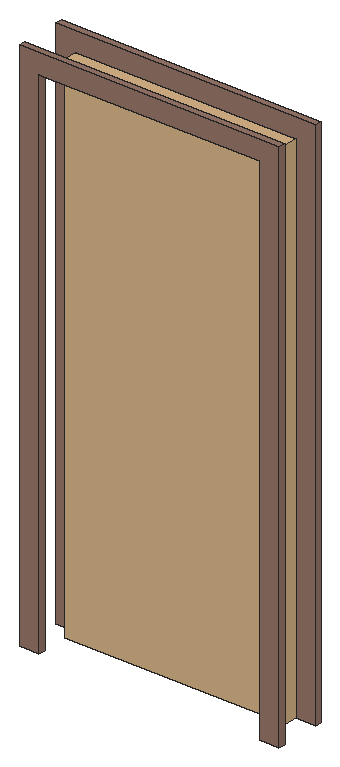
Revit family "e541565d3c8f42e5a37e35e80dee8db3", category Doors, host Wall, Revit 2021
Family settings
  Host = Wall
  OmniClass Number = 23.30.10.00
  OmniClass Title = Doors
  Always vertical = Yes
  Cut with Voids When Loaded = No
  Shared = No
  Room Calculation Point = No
Parameters (values of type "34" x 80"")
  Visual Light Transmittance = 0
  Thickness = 0' - 2"
  Thermal Resistance (R) = 2.5876 (h·ft²·°F)/BTU
  Swing Angle [instance] = 90.00°
  Solar Heat Gain Coefficient = 0
  Define Thermal Properties by = Schematic Type
  Construction Type Id = "DOOR"
  Heat Transfer Coefficient (U) = 0.3865 BTU/(h·ft²·°F)
  Function = Interior
  Assembly Code = "C1020300"
  Panel Material = Wood - Birch - Solid Stained Light Low Gloss
  Trim Material = Paint - Sienna
  Height = 6' - 8"
  Trim Projection Ext = 0' - 1"
  Trim Projection Int = 0' - 1"
  Trim Width = 0' - 3"
  Wall Closure = By host
  Width = 2' - 10"
  Analytic Construction = "Wooden"
Reference planes (in)
  plane 1 "Center(Front/Back)": y = 0
  plane 2: z = 0
  plane 3 "Center (Left/Right)": x = 0
  plane 4 "Left": x = -17
  plane 5 "Right": x = 17
  plane 6 "Top": z = 80
  plane 7: y = 3
Forms (in)
  Extrusion 1, solid, material "Wood - Birch - Solid Stained Light Low Gloss" <- "Panel Material"
    sketch origin (0, 0, 0) x (1, 0, 0) y (0, 0, 1)
      loop
        line (-17, 80) -> (-17, 0) -> (17, 0) -> (17, 80) -> (-17, 80)
    from -3 to -1
  Extrusion 2, solid, material "Paint - Sienna" <- "Trim Material", detail levels fine
    sketch origin (-60, -3, 0) x (1, 0, 0) y (0, 0, 1)
      loop
        line (40, 83) -> (40, 0) -> (43, 0) -> (43, 80) -> (77, 80) -> (77, 0) -> (80, 0) -> (80, 83) -> (40, 83)
    from 0 to 1
  Extrusion 3, solid, material "Paint - Sienna" <- "Trim Material", detail levels fine
    sketch origin (-60, 3, 0) x (-1, 0, 0) y (0, 0, 1)
      loop
        line (-80, 83) -> (-80, 0) -> (-77, 0) -> (-77, 80) -> (-43, 80) -> (-43, 0) -> (-40, 0) -> (-40, 83) -> (-80, 83)
    from 0 to 1
Lines and regions (in)
  Opening 1
    outline origin (-60, -3, 144) x (0, 0, -1) y (1, 0, 0)
      loop
        line (64, 43) -> (144, 43) -> (144, 77) -> (64, 77) -> (64, 43)
  symbolic lines, style "Elevation Swing"
    curve 1: line (-17, 0, 80) -> (17, 0, 40)
    curve 2: line (-17, 0, 0) -> (17, 0, 40)
Dimensions and locks (in)
  equal spacing: plane 4 "Left", plane 3 "Center (Left/Right)", plane 5 "Right"
  "Width": plane 4 "Left" to plane 5 "Right"
  "Height": plane 6 "Top" to plane 2
  "Trim Projection Ext": Extrusion 3 to host wall
  "Trim Projection Int": Extrusion 2 to host wall
  "Thickness": Extrusion 1 to host wall
  equal spacing: plane 6 "Top", curve 2, level
  aligned and locked: host wall to Extrusion 1
  aligned and locked: Extrusion 2 to Extrusion 3 sketch curve
  aligned and locked: Extrusion 3 sketch curve to Extrusion 2  (x2)
  aligned and locked: plane 7 to host wall
  aligned and locked: plane 7 to Extrusion 1
  aligned and locked: nested 1 to plane 7
  aligned and locked: nested 1 to plane 5 "Right"
Automatic sketch dimensions
  Opening 1 sketch curve to plane 6 "Top" = 0' - 0"
  Opening 1 sketch curve to level = 0' - 0"
  Opening 1 sketch curve to plane 4 "Left" = 0' - 0"
  Opening 1 sketch curve to plane 5 "Right" = 0' - 0"
  Extrusion 1 sketch curve to plane 4 "Left" = 0' - 0"
  Extrusion 1 sketch curve to plane 5 "Right" = 0' - 0"
  Extrusion 1 sketch curve to level = 0' - 0"
  Extrusion 1 sketch curve to plane 6 "Top" = 0' - 0"
  Extrusion 2 sketch curve to level = 0' - 0"  (x2)
  Extrusion 2 sketch curve to plane 4 "Left" = 0' - 0"
  Extrusion 2 sketch curve to plane 5 "Right" = 0' - 0"
  Extrusion 2 sketch curve to plane 6 "Top" = 0' - 0"
  Extrusion 3 sketch curve to level = 0' - 0"  (x2)
  Extrusion 3 sketch curve to plane 5 "Right" = 0' - 0"
  Extrusion 3 sketch curve to plane 4 "Left" = 0' - 0"
  Extrusion 3 sketch curve to plane 6 "Top" = 0' - 0"
  curve 1 to plane 4 "Left" = 0' - 0"
  curve 1 to plane 6 "Top" = 0' - 0"
  curve 2 to plane 5 "Right" = 0' - 0"
  curve 2 to level = 0' - 0"
  curve 2 to plane 4 "Left" = 0' - 0"
  plane 4 "Left" to Extrusion 2 sketch curve = 0' - 3"
  Extrusion 2 sketch curve to Extrusion 2 sketch curve = 0' - 3"
  Extrusion 2 sketch curve to plane 6 "Top" = 0' - 3"
Nested families (in)
  nested 1: "Door Swing-Single" at (17, 3, 0), Swing Angle <- "Swing Angle", type "Single"
    with Swing Visible yes, Swing Angle 90.00°, Actual Angle 90.00°
Definition of nested family "Door Swing-Single"
  Parameters
    Width = 3' - 0"
    Thickness = 0' - 1 3/4"
    Swing Visible [instance] = Swing Angle > 1.00°  # yes
    Swing Angle [instance] = 45.00°
    Assembly Code = ""
    Analytic Construction = "<None>"
    Actual Angle [instance] = if(Swing Angle < 1.00°, 1.00°, Swing Angle)  # 45.00°
  Reference planes (in)
    plane 1 "Center (Front/Back)": y = 0
    plane 2: z = 0
    plane 3 "Center (Left/Right)": x = 0
    plane 4: x = -36
  Lines and regions (in)
    Masking region 1
      outline origin (0, 0, 0) x (-0.707107, 0.707107, 0) y (-0.707107, -0.707107, 0)
        loop
          line (0, 0) -> (36, 0) -> (36, 1.75) -> (0, 1.75) -> (0, 0)
    symbolic lines
      curve 1: line (0, 0, 0) -> (-36, 0, 0)
    symbolic lines, visible <- "Swing Visible"
      curve 2: arc (-36, 0, 0) -> (-33.25966, 13.7766, 0) -> (-25.45584, 25.45584, 0) r 36
    reference lines
      curve 3: line (0, 0, 0) -> (-25.45584, 25.45584, 0)
    model lines
      curve 4: line (0, 0, 0) -> (0, 0, 1)
  Dimensions and locks (in)
    "Width": plane 4 to plane 3 "Center (Left/Right)"
    locked: curve 2 to plane 3 "Center (Left/Right)"
    locked: curve 2 to plane 1 "Center (Front/Back)"
    "Width": curve 3 to curve 3
    "Thickness": Masking region 1 sketch curve to Masking region 1 sketch curve
    locked: curve 4 to plane 2 at 1
    "Width": radius of curve 2
    "Actual Angle": angle curve 2 to curve 2
    "Swing Angle": angle curve 3 to plane 1 "Center (Front/Back)"
    aligned and locked: curve 1 to plane 1 "Center (Front/Back)"
    aligned and locked: plane 3 "Center (Left/Right)" to curve 1
    aligned and locked: plane 3 "Center (Left/Right)" to curve 3
    aligned and locked: plane 1 "Center (Front/Back)" to curve 3
    aligned and locked: curve 3 to Masking region 1 sketch curve
    aligned and locked: Masking region 1 sketch curve to curve 3  (x2)
    aligned and locked: plane 3 "Center (Left/Right)" to curve 4
    aligned and locked: plane 2 to curve 4
